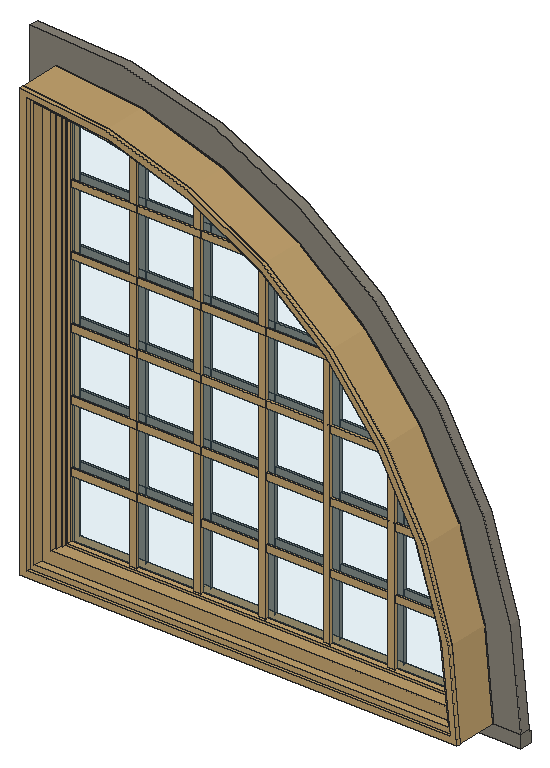
Revit family (continued)
Definition of nested family "Roundtop_Section_Detail"
  Definition of nested family "Head_Detail"
    Lines and regions (in)
      detail lines, style "Cut Lines", in view "Ref. Level", visible <- "Flange"
        curve 7: line (0, 1.5, 0) -> (0, 0.15, 0)
        curve 8: line (-0.04501, 0, 0) -> (-0.04501, 1.5, 0)
        curve 9: line (-0.04501, 1.5, 0) -> (0, 1.5, 0)
        curve 10: line (0.10999, 0.15, 0) -> (0.10999, 0, 0)
        curve 11: line (0, 0.15, 0) -> (0.10999, 0.15, 0)
    Dimensions and locks (in)
      aligned and locked: curve 25 to curve 28
      aligned and locked: curve 24 to curve 33
  Definition of nested family "Sill_Detail"
    Parameters (values of type "Jamb_Detail")
      Flange = yes
      Assembly Code = ""
    Reference planes (in)
      plane 1 "Center (Front/Back)": y = 0
      plane 2: z = 0
      plane 3 "Center (Left/Right)": x = 0
    Lines and regions (in)
      detail lines, style "Cut Lines", in view "Ref. Level"
        curve 1: line (4.56199, 0, 0) -> (4.56199, 1.188, 0)
        curve 2: line (-1.09401, 0, 0) -> (4.56199, 0, 0)
        curve 3: line (4.56199, 1.188, 0) -> (0.53125, 1.188, 0)
        curve 4: line (-1.09401, 0.52105, 0) -> (-1.09401, 0, 0)
        curve 5: line (0.39248, 0.625, 0) -> (-1.09401, 0.52105, 0)
        curve 6: line (0.39248, 0.625, 0) -> (2, 0.625, 0)
        curve 12: line (3.53074, 1.188, 0) -> (3.53074, 2.5005, 0)
        curve 13: line (3.53074, 2.5005, 0) -> (2, 2.5005, 0)
        curve 14: line (0.53125, 0.8125, 0) -> (0.53125, 1.188, 0)
        curve 15: line (0.125, 0.8125, 0) -> (0.53125, 0.8125, 0)
        curve 16: line (0.125, 2.696, 0) -> (0.125, 0.8125, 0)
        curve 17: line (0.2358, 2.696, 0) -> (0.125, 2.696, 0)
        curve 18: line (0.44605, 2.90625, 0) -> (0.2358, 2.696, 0)
        curve 19: line (0.47297, 2.208, 0) -> (0.47297, 2.90625, 0)
        curve 20: line (1.50299, 2.208, 0) -> (0.47297, 2.208, 0)
        curve 21: line (1.50299, 2.90625, 0) -> (1.50299, 2.208, 0)
        curve 22: line (1.66374, 2.90625, 0) -> (1.50299, 2.90625, 0)
        curve 23: line (2, 2.677, 0) -> (1.89299, 2.677, 0)
        curve 24: line (2, 0.625, 0) -> (2, 2.677, 0)
        curve 25: line (0.47297, 2.90625, 0) -> (0.44605, 2.90625, 0)
        curve 26: line (1.89299, 2.677, 0) -> (1.66374, 2.90625, 0)
        curve 27: line (1.31549, 2.45402, 0) -> (0.69049, 2.45402, 0)
        curve 28: line (1.31549, 2.6605, 0) -> (0.69049, 2.6605, 0)
        curve 29: line (1.50299, 2.353, 0) -> (1.31549, 2.353, 0)
        curve 30: line (0.69049, 2.353, 0) -> (0.50199, 2.353, 0)
      detail lines, style "Cut Lines", in view "Ref. Level", visible <- "Flange"
        curve 7: line (0, -1.5, 0) -> (0, -0.15, 0)
        curve 8: line (-0.04501, 0, 0) -> (-0.04501, -1.5, 0)
        curve 9: line (-0.04501, -1.5, 0) -> (0, -1.5, 0)
        curve 10: line (0.10999, -0.15, 0) -> (0.10999, 0, 0)
        curve 11: line (0, -0.15, 0) -> (0.10999, -0.15, 0)
